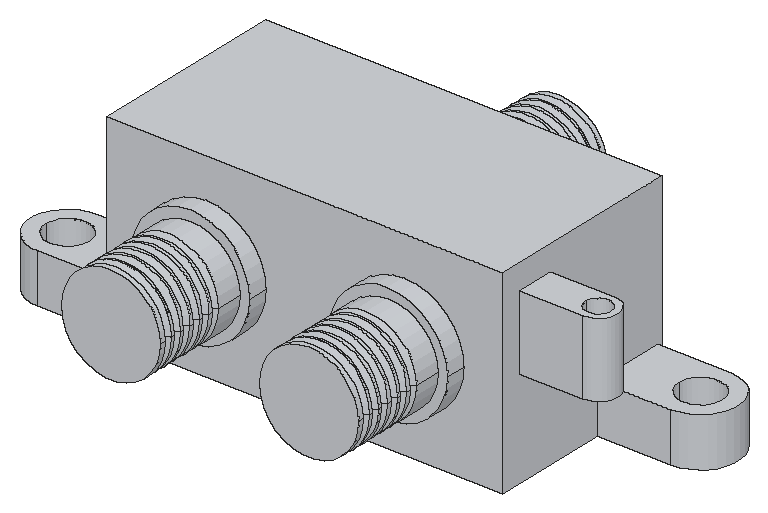
Revit family "Repetidor 204 ", category Aparatos eléctricos, Revit 2019
Family settings
  Mantener orientación de anotación = No
  Cota de conector redondo = Diámetro de uso
  Tipo de pieza = Normal
  Número OmniClass = 23.80.00.00
  Título OmniClass = Electric Power and Lighting
  Se basa en plano de trabajo = No
  Siempre vertical = Sí
  Corte con vacíos al cargar = No
  Compartido = No
  Punto de cálculo de habitación = No
Parameters
  Visibilidad 426 = yes
  Largo = 40.00 mm
  Conectores = Largo / 21.60 mm  # 2
  Conector 2 = 3.654 mm
  Conector = 0.00 mm
  Ancho [instance] = 30.00 mm
  Altura = 20.00 mm
Reference planes
  plane 1 "Centro (Frontal/Posterior)": y = 0
  plane 2: z = 0
  plane 3 "Centro (Izquierda/Derecha)": x = 0
  plane 4 "Centro I/E": x = -20
  plane 5 "Centro I/F": x = 20
  plane 6 "Centro I/G": y = 10
  plane 7 "Centro I/H": y = -10
  plane 8 "Centro I/K": y = -10
  plane 9 "Centro I/W": x = -19.25
  plane 10 "Centro I/X": y = -9.25
  plane 11 "Centro I/Y": y = 9.25
  plane 12 "Centro I/Z": x = 19.25
Forms (mm)
  Extrusion 1, solid
    sketch origin (0, 0, 0) x (1, 0, 0) y (0, 1, 0)
      loop
        line (20, 10) -> (-20, 10) -> (-20, -10) -> (20, -10) -> (20, 10)
    from 0 to 20
  Extrusion 2, solid, detail levels fine
    sketch origin (0, -6.971, 0) x (1, 0, 0) y (0, 0, 1)
      loop
        circle (-25.232, 10) r 5
    from 17 to 27
  Extrusion 3, solid
    sketch origin (0, -6.971, 0) x (1, 0, 0) y (0, 0, 1)
      loop
        circle (-25.232, 10) r 6
    from 15 to 17
  Extrusion 4, solid, detail levels fine
    sketch origin (15.232, 5, 0) x (1, 0, 0) y (0, 0, 1)
      loop
        circle (-25.232, 10) r 5
    from 17 to 27
  Extrusion 5, solid
    sketch origin (15.232, 5, 0) x (1, 0, 0) y (0, 0, 1)
      loop
        circle (-25.232, 10) r 6
    from 15 to 17
  Extrusion 6, solid, detail levels fine
    sketch origin (35.232, 5, 0) x (1, 0, 0) y (0, 0, 1)
      loop
        circle (-25.232, 10) r 5
    from 17 to 27
  Extrusion 7, solid
    sketch origin (35.232, 5, 0) x (1, 0, 0) y (0, 0, 1)
      loop
        circle (-25.232, 10) r 6
    from 15 to 17
  Extrusion 8, solid
    sketch origin (-14.144, 3.759, 0) x (1, 0, 0) y (0, 0, -1)
      loop
        circle (0, -10) r 5
    from 17 to 27
  Extrusion 9, solid
    sketch origin (-14.144, 3.759, 0) x (1, 0, 0) y (0, 0, -1)
      loop
        circle (0, -10) r 6
    from 15 to 17
  Extrusion 10, solid, detail levels medium+fine
    sketch origin (-155, 91.956, 0) x (-1, 0, 0) y (0, -1, 0)
      loop
        line (-175, 100) -> (-181.519, 100)
        arc (-181.519, 100) -> (-183.474, 98.044) -> (-181.519, 96.089) r 1.956
        line (-181.519, 96.089) -> (-175, 96.089) -> (-175, 100)
      loop
        circle (-181.519, 98.044) r 1.304
    from 10 to 17.5
  Extrusion 11, solid, detail levels medium+fine
    sketch origin (-155, -48.128, -5) x (-1, 0, 0) y (0, -1, 0)
      loop
        line (-175, -57.5) -> (-175, -50) -> (-182.5, -50)
        arc (-182.5, -50) -> (-186.25, -53.75) -> (-182.5, -57.5) r 3.75
        line (-182.5, -57.5) -> (-175, -57.5)
      loop
        circle (-182.5, -53.75) r 2.25
    from 5 to 10
  Extrusion 12, solid, detail levels medium+fine
    sketch origin (-115, -46.566, 0) x (-1, 0, 0) y (0, -1, 0)
      loop
        line (-175, -57.5) -> (-175, -50) -> (-182.5, -50)
        arc (-182.5, -50) -> (-186.25, -53.75) -> (-182.5, -57.5) r 3.75
        line (-182.5, -57.5) -> (-175, -57.5)
      loop
        circle (-182.5, -53.75) r 2.25
    from 5 to 10
  Extrusion 13, solid, detail levels medium+fine
    sketch origin (-110, 90, 0) x (-1, 0, 0) y (0, -1, 0)
      loop
        line (-175, 100) -> (-181.519, 100)
        arc (-181.519, 100) -> (-183.474, 98.044) -> (-181.519, 96.089) r 1.956
        line (-181.519, 96.089) -> (-175, 96.089) -> (-175, 100)
      loop
        circle (-181.519, 98.044) r 1.304
    from 10 to 17.5
  Extrusion 14, solid, detail levels medium+fine
    sketch origin (155, 48.128, -5) x (1, 0, 0) y (0, 1, 0)
      loop
        line (-175, -57.5) -> (-175, -50) -> (-182.5, -50)
        arc (-182.5, -50) -> (-186.25, -53.75) -> (-182.5, -57.5) r 3.75
        line (-182.5, -57.5) -> (-175, -57.5)
      loop
        circle (-182.5, -53.75) r 2.25
    from 5 to 10
  Revolve 15, void
    sketch origin (15.25, 5, 10) x (1, 0, 0) y (0, 1, 0)
      loop
        line (-29.46, -26.03) -> (-30.25, -25.574) -> (-30.25, -26.486) -> (-29.46, -26.03)
      axis (-25.25, -26.486) -> (-25.25, -25.486)
    angle from 0 to 360
  Revolve 16, void
    sketch origin (0.018, -6.971, 10) x (1, 0, 0) y (0, 1, 0)
      loop
        line (-29.46, -26.03) -> (-30.25, -25.574) -> (-30.25, -26.486) -> (-29.46, -26.03)
      axis (-25.25, -26.486) -> (-25.25, -25.486)
    angle from 0 to 360
  Revolve 17, void
    sketch origin (35.25, 5, 10) x (1, 0, 0) y (0, 1, 0)
      loop
        line (-29.46, -26.03) -> (-30.25, -25.574) -> (-30.25, -26.486) -> (-29.46, -26.03)
      axis (-25.25, -26.486) -> (-25.25, -25.486)
    angle from 0 to 360
  Revolve 18, void
    sketch origin (15.25, 5, 10) x (1, 0, 0) y (0, 1, 0)
      loop
        line (-29.46, -24.918) -> (-30.25, -24.461) -> (-30.25, -25.374) -> (-29.46, -24.918)
      axis (-25.25, -25.374) -> (-25.25, -24.374)
    angle from 0 to 360
  Revolve 19, void
    sketch origin (0.018, -6.971, 10) x (1, 0, 0) y (0, 1, 0)
      loop
        line (-29.46, -24.918) -> (-30.25, -24.461) -> (-30.25, -25.374) -> (-29.46, -24.918)
      axis (-25.25, -25.374) -> (-25.25, -24.374)
    angle from 0 to 360
  Revolve 20, void
    sketch origin (35.25, 5, 10) x (1, 0, 0) y (0, 1, 0)
      loop
        line (-29.46, -24.918) -> (-30.25, -24.461) -> (-30.25, -25.374) -> (-29.46, -24.918)
      axis (-25.25, -25.374) -> (-25.25, -24.374)
    angle from 0 to 360
  Revolve 21, void
    sketch origin (15.25, 5, 10) x (1, 0, 0) y (0, 1, 0)
      loop
        line (-29.46, -23.718) -> (-30.25, -23.261) -> (-30.25, -24.174) -> (-29.46, -23.718)
      axis (-25.25, -24.174) -> (-25.25, -23.174)
    angle from 0 to 360
  Revolve 22, void
    sketch origin (15.25, 5, 10) x (1, 0, 0) y (0, 1, 0)
      loop
        line (-29.46, -22.518) -> (-30.25, -22.061) -> (-30.25, -22.974) -> (-29.46, -22.518)
      axis (-25.25, -22.974) -> (-25.25, -21.974)
    angle from 0 to 360
  Revolve 23, void
    sketch origin (15.25, 5, 10) x (1, 0, 0) y (0, 1, 0)
      loop
        line (-29.46, -21.318) -> (-30.25, -20.861) -> (-30.25, -21.774) -> (-29.46, -21.318)
      axis (-25.25, -21.774) -> (-25.25, -20.774)
    angle from 0 to 360
  Revolve 24, void
    sketch origin (15.25, 5, 10) x (1, 0, 0) y (0, 1, 0)
      loop
        line (-29.46, -20.118) -> (-30.25, -19.661) -> (-30.25, -20.574) -> (-29.46, -20.118)
      axis (-25.25, -20.574) -> (-25.25, -19.574)
    angle from 0 to 360
  Revolve 25, void
    sketch origin (0.018, -6.971, 10) x (1, 0, 0) y (0, 1, 0)
      loop
        line (-29.46, -23.718) -> (-30.25, -23.261) -> (-30.25, -24.174) -> (-29.46, -23.718)
      axis (-25.25, -24.174) -> (-25.25, -23.174)
    angle from 0 to 360
  Revolve 26, void
    sketch origin (0.018, -6.971, 10) x (1, 0, 0) y (0, 1, 0)
      loop
        line (-29.46, -22.518) -> (-30.25, -22.061) -> (-30.25, -22.974) -> (-29.46, -22.518)
      axis (-25.25, -22.974) -> (-25.25, -21.974)
    angle from 0 to 360
  Revolve 27, void
    sketch origin (0.018, -6.971, 10) x (1, 0, 0) y (0, 1, 0)
      loop
        line (-29.46, -21.318) -> (-30.25, -20.861) -> (-30.25, -21.774) -> (-29.46, -21.318)
      axis (-25.25, -21.774) -> (-25.25, -20.774)
    angle from 0 to 360
  Revolve 28, void
    sketch origin (0.018, -6.971, 10) x (1, 0, 0) y (0, 1, 0)
      loop
        line (-29.46, -20.118) -> (-30.25, -19.661) -> (-30.25, -20.574) -> (-29.46, -20.118)
      axis (-25.25, -20.574) -> (-25.25, -19.574)
    angle from 0 to 360
  Revolve 29, void
    sketch origin (35.25, 5, 10) x (1, 0, 0) y (0, 1, 0)
      loop
        line (-29.46, -23.718) -> (-30.25, -23.261) -> (-30.25, -24.174) -> (-29.46, -23.718)
      axis (-25.25, -24.174) -> (-25.25, -23.174)
    angle from 0 to 360
  Revolve 30, void
    sketch origin (35.25, 5, 10) x (1, 0, 0) y (0, 1, 0)
      loop
        line (-29.46, -22.518) -> (-30.25, -22.061) -> (-30.25, -22.974) -> (-29.46, -22.518)
      axis (-25.25, -22.974) -> (-25.25, -21.974)
    angle from 0 to 360
  Revolve 31, void
    sketch origin (35.25, 5, 10) x (1, 0, 0) y (0, 1, 0)
      loop
        line (-29.46, -21.318) -> (-30.25, -20.861) -> (-30.25, -21.774) -> (-29.46, -21.318)
      axis (-25.25, -21.774) -> (-25.25, -20.774)
    angle from 0 to 360
  Revolve 32, void
    sketch origin (35.25, 5, 10) x (1, 0, 0) y (0, 1, 0)
      loop
        line (-29.46, -20.118) -> (-30.25, -19.661) -> (-30.25, -20.574) -> (-29.46, -20.118)
      axis (-25.25, -20.574) -> (-25.25, -19.574)
    angle from 0 to 360
  Extrusion 33, solid, detail levels fine
    sketch origin (35.192, 46.726, 0) x (1, 0, 0) y (0, 0, 1)
      loop
        circle (-25.232, 10) r 5
    from 17 to 27
  Extrusion 34, solid
    sketch origin (35.192, 46.726, 0) x (1, 0, 0) y (0, 0, 1)
      loop
        circle (-25.232, 10) r 6
    from 15 to 17
  Revolve 35, void
    sketch origin (35.21, 46.726, 10) x (1, 0, 0) y (0, 1, 0)
      loop
        line (-29.46, -26.03) -> (-30.25, -25.574) -> (-30.25, -26.486) -> (-29.46, -26.03)
      axis (-25.25, -26.486) -> (-25.25, -25.486)
    angle from 0 to 360
  Revolve 36, void
    sketch origin (35.21, 46.726, 10) x (1, 0, 0) y (0, 1, 0)
      loop
        line (-29.46, -24.918) -> (-30.25, -24.461) -> (-30.25, -25.374) -> (-29.46, -24.918)
      axis (-25.25, -25.374) -> (-25.25, -24.374)
    angle from 0 to 360
  Revolve 37, void
    sketch origin (35.21, 46.726, 10) x (1, 0, 0) y (0, 1, 0)
      loop
        line (-29.46, -23.718) -> (-30.25, -23.261) -> (-30.25, -24.174) -> (-29.46, -23.718)
      axis (-25.25, -24.174) -> (-25.25, -23.174)
    angle from 0 to 360
  Revolve 38, void
    sketch origin (35.21, 46.726, 10) x (1, 0, 0) y (0, 1, 0)
      loop
        line (-29.46, -22.518) -> (-30.25, -22.061) -> (-30.25, -22.974) -> (-29.46, -22.518)
      axis (-25.25, -22.974) -> (-25.25, -21.974)
    angle from 0 to 360
  Revolve 39, void
    sketch origin (35.21, 46.726, 10) x (1, 0, 0) y (0, 1, 0)
      loop
        line (-29.46, -21.318) -> (-30.25, -20.861) -> (-30.25, -21.774) -> (-29.46, -21.318)
      axis (-25.25, -21.774) -> (-25.25, -20.774)
    angle from 0 to 360
  Revolve 40, void
    sketch origin (35.21, 46.726, 10) x (1, 0, 0) y (0, 1, 0)
      loop
        line (-29.46, -20.118) -> (-30.25, -19.661) -> (-30.25, -20.574) -> (-29.46, -20.118)
      axis (-25.25, -20.574) -> (-25.25, -19.574)
    angle from 0 to 360
  Extrusion 41, solid, detail levels fine
    sketch origin (-25.232, -5, 0) x (-1, 0, 0) y (0, 0, 1)
      loop
        circle (-25.232, 10) r 5
    from 17 to 27
  Extrusion 42, solid
    sketch origin (-25.232, -5, 0) x (-1, 0, 0) y (0, 0, 1)
      loop
        circle (-25.232, 10) r 6
    from 15 to 17
  Revolve 43, void
    sketch origin (-25.25, -5, 10) x (-1, 0, 0) y (0, -1, 0)
      loop
        line (-29.46, -26.03) -> (-30.25, -25.574) -> (-30.25, -26.486) -> (-29.46, -26.03)
      axis (-25.25, -26.486) -> (-25.25, -25.486)
    angle from 0 to 360
  Revolve 44, void
    sketch origin (-25.25, -5, 10) x (-1, 0, 0) y (0, -1, 0)
      loop
        line (-29.46, -24.918) -> (-30.25, -24.461) -> (-30.25, -25.374) -> (-29.46, -24.918)
      axis (-25.25, -25.374) -> (-25.25, -24.374)
    angle from 0 to 360
  Revolve 45, void
    sketch origin (-25.25, -5, 10) x (-1, 0, 0) y (0, -1, 0)
      loop
        line (-29.46, -23.718) -> (-30.25, -23.261) -> (-30.25, -24.174) -> (-29.46, -23.718)
      axis (-25.25, -24.174) -> (-25.25, -23.174)
    angle from 0 to 360
  Revolve 46, void
    sketch origin (-25.25, -5, 10) x (-1, 0, 0) y (0, -1, 0)
      loop
        line (-29.46, -22.518) -> (-30.25, -22.061) -> (-30.25, -22.974) -> (-29.46, -22.518)
      axis (-25.25, -22.974) -> (-25.25, -21.974)
    angle from 0 to 360
  Revolve 47, void
    sketch origin (-25.25, -5, 10) x (-1, 0, 0) y (0, -1, 0)
      loop
        line (-29.46, -21.318) -> (-30.25, -20.861) -> (-30.25, -21.774) -> (-29.46, -21.318)
      axis (-25.25, -21.774) -> (-25.25, -20.774)
    angle from 0 to 360
  Revolve 48, void
    sketch origin (-25.25, -5, 10) x (-1, 0, 0) y (0, -1, 0)
      loop
        line (-29.46, -20.118) -> (-30.25, -19.661) -> (-30.25, -20.574) -> (-29.46, -20.118)
      axis (-25.25, -20.574) -> (-25.25, -19.574)
    angle from 0 to 360
Cuts and joins
  Revolve 17, Revolve 20, Revolve 29, Revolve 30, Revolve 31, Revolve 32 cuts Extrusion 6
  Revolve 15, Revolve 18, Revolve 21, Revolve 22, Revolve 23, Revolve 24 cuts Extrusion 4
  Revolve 43, Revolve 44, Revolve 45, Revolve 46, Revolve 47, Revolve 48 cuts Extrusion 41
Lines and regions (mm)
  model lines, detail levels medium
    curve 1: line (20, 1.872, 0) -> (27.5, 1.872, 0)
    curve 2: arc (27.5, 1.872, 0) -> (31.25, 5.622, 0) -> (27.5, 9.372, 0) r 3.75
    curve 3: line (27.5, 9.372, 0) -> (20, 9.372, 0)
    curve 4: line (60, 3.434, 5) -> (67.5, 3.434, 5)
    curve 5: arc (67.5, 3.434, 5) -> (71.25, 7.184, 5) -> (67.5, 10.934, 5) r 3.75
    curve 6: line (67.5, 10.934, 5) -> (60, 10.934, 5)
    curve 7: line (-20, -1.872, 0) -> (-27.5, -1.872, 0)
    curve 8: arc (-27.5, -1.872, 0) -> (-31.25, -5.622, 0) -> (-27.5, -9.372, 0) r 3.75
    curve 9: line (-27.5, -9.372, 0) -> (-20, -9.372, 0)
    curve 10: line (20, -4.133, 10) -> (26.519, -4.133, 10)
    curve 11: arc (26.519, -4.133, 10) -> (28.474, -6.089, 10) -> (26.519, -8.044, 10) r 1.956
    curve 12: line (26.519, -8.044, 10) -> (20, -8.044, 10)
    curve 13: line (65, -6.089, 10) -> (71.519, -6.089, 10)
    curve 14: arc (71.519, -6.089, 10) -> (73.474, -8.044, 10) -> (71.519, -10, 10) r 1.956
    curve 15: line (71.519, -10, 10) -> (65, -10, 10)
    curve 16: line (-15, -12, 10) -> (-15, -22, 10)
    curve 17: line (-15, -22, 10) -> (-5, -22, 10)
    curve 18: line (-5, -22, 10) -> (-5, -12, 10)
    curve 19: line (-30.232, -23.971, 10) -> (-30.232, -33.971, 10)
    curve 20: line (-30.232, -33.971, 10) -> (-20.232, -33.971, 10)
    curve 21: line (-20.232, -33.971, 10) -> (-20.232, -23.971, 10)
    curve 22: line (5, -12, 10) -> (5, -22, 10)
    curve 23: line (5, -22, 10) -> (15, -22, 10)
    curve 24: line (15, -22, 10) -> (15, -12, 10)
    curve 25: line (-5, 12, 10) -> (-5, 22, 10)
    curve 26: line (-5, 22, 10) -> (5, 22, 10)
    curve 27: line (5, 22, 10) -> (5, 12, 10)
    curve 28: line (14.96, 29.726, 10) -> (14.96, 19.726, 10)
    curve 29: line (14.96, 19.726, 10) -> (4.96, 19.726, 10)
    curve 30: line (4.96, 19.726, 10) -> (4.96, 29.726, 10)
    curve 84: line (-9.306, -4.981, 20) -> (-8.904, -4.981, 20)
    curve 85: line (-8.904, -4.981, 20) -> (-8.904, -6.123, 20)
    curve 86: line (-8.904, -6.123, 20) -> (-8.561, -6.123, 20)
    curve 87: line (-8.561, -6.123, 20) -> (-8.561, -4.981, 20)
    curve 88: line (-8.561, -4.981, 20) -> (-8.163, -4.981, 20)
    curve 101: line (-9.306, -4.638, 20) -> (-8.163, -4.638, 20)
    curve 102: line (-9.306, -4.981, 20) -> (-9.306, -4.638, 20)
    curve 103: line (-8.163, -4.981, 20) -> (-8.163, -4.638, 20)
    curve 471: line (1.172, -7.42, 0) -> (1.573, -7.42, 0)
    curve 472: line (1.573, -7.42, 0) -> (1.573, -8.562, 0)
    curve 473: line (1.573, -8.562, 0) -> (1.917, -8.562, 0)
    curve 474: line (1.917, -8.562, 0) -> (1.917, -7.42, 0)
    curve 475: line (1.917, -7.42, 0) -> (2.314, -7.42, 0)
    curve 488: line (1.172, -7.077, 0) -> (2.314, -7.077, 0)
    curve 489: line (1.172, -7.42, 0) -> (1.172, -7.077, 0)
    curve 490: line (2.314, -7.42, 0) -> (2.314, -7.077, 0)
    curve 640: line (-5.817, 0.494, 20) -> (-7.741, 0.494, 20)
    curve 641: arc (-7.741, 0.494, 20) -> (-8.189, 0.942, 20) -> (-7.741, 1.39, 20) r 0.448
    curve 642: line (-7.741, 1.39, 20) -> (-5.817, 1.39, 20)
    curve 643: arc (-5.817, 1.39, 20) -> (-5.417, 1.789, 20) -> (-5.817, 2.189, 20) r 0.399
    curve 644: line (-5.817, 2.189, 20) -> (-7.868, 2.189, 20)
    curve 645: arc (-7.868, 2.189, 20) -> (-9, 1.281, 20) -> (-8.093, 0.148, 20) r 1.026
    curve 646: arc (-8.093, 0.148, 20) -> (-9.027, -1.028, 20) -> (-7.851, -1.962, 20) r 1.062
    curve 647: line (-7.851, -1.962, 20) -> (-5.817, -1.962, 20)
    curve 648: arc (-5.817, -1.962, 20) -> (-5.413, -1.558, 20) -> (-5.817, -1.154, 20) r 0.404
    curve 649: line (-5.817, -1.154, 20) -> (-7.741, -1.154, 20)
    curve 650: arc (-7.741, -1.154, 20) -> (-8.202, -0.693, 20) -> (-7.741, -0.232, 20) r 0.461
    curve 651: line (-7.741, -0.232, 20) -> (-5.817, -0.232, 20)
    curve 652: arc (-5.817, -0.232, 20) -> (-5.454, 0.131, 20) -> (-5.817, 0.494, 20) r 0.363
    curve 653: line (-10.278, -1.962, 20) -> (-11.421, -1.962, 20)
    curve 654: line (-11.421, -1.962, 20) -> (-12.348, -0.458, 20)
    curve 655: line (-12.348, -0.458, 20) -> (-13.51, -0.468, 20)
    curve 656: line (-13.51, -0.468, 20) -> (-13.51, -1.962, 20)
    curve 657: line (-13.51, -1.962, 20) -> (-14.316, -1.962, 20)
    curve 658: line (-14.316, -1.962, 20) -> (-14.316, 0.351, 20)
    curve 659: line (-14.316, 0.351, 20) -> (-11.895, 0.351, 20)
    curve 660: arc (-11.895, 0.351, 20) -> (-11.396, 0.85, 20) -> (-11.895, 1.349, 20) r 0.499
    curve 661: line (-11.895, 1.349, 20) -> (-14.316, 1.349, 20)
    curve 662: line (-14.316, 1.349, 20) -> (-14.316, 2.189, 20)
    curve 663: line (-14.316, 2.189, 20) -> (-11.794, 2.189, 20)
    curve 664: arc (-11.794, 2.189, 20) -> (-10.5, 1.02, 20) -> (-11.532, -0.386, 20) r 1.301
    curve 665: line (-11.532, -0.386, 20) -> (-10.278, -1.962, 20)
    curve 666: line (-3.75, -0.372, 20) -> (-3.75, -1.962, 20)
    curve 667: line (-3.75, -1.962, 20) -> (-4.644, -1.962, 20)
    curve 668: line (-4.644, -1.962, 20) -> (-4.644, -0.19, 20)
    curve 669: arc (-4.644, -0.19, 20) -> (-4.458, 0.252, 20) -> (-4.012, 0.429, 20) r 0.619
    curve 670: line (-4.012, 0.429, 20) -> (-2.117, 0.429, 20)
    curve 671: arc (-2.117, 0.429, 20) -> (-1.663, 0.883, 20) -> (-2.117, 1.336, 20) r 0.454
    curve 672: line (-2.117, 1.336, 20) -> (-4.644, 1.326, 20)
    curve 673: line (-4.644, 1.326, 20) -> (-4.644, 2.189, 20)
    curve 674: line (-4.644, 2.189, 20) -> (-2.199, 2.189, 20)
    curve 675: arc (-2.199, 2.189, 20) -> (-0.919, 0.909, 20) -> (-2.199, -0.372, 20) r 1.28
    curve 676: line (-2.199, -0.372, 20) -> (-3.75, -0.372, 20)
    curve 677: line (11.905, -0.92, 20) -> (10.437, -0.92, 20)
    curve 678: arc (10.437, -0.92, 20) -> (9.857, -0.616, 20) -> (9.777, 0.034, 20) r 0.705
    curve 679: line (9.777, 0.034, 20) -> (11.162, 1.891, 20)
    curve 680: arc (11.162, 1.891, 20) -> (12.034, 2.162, 20) -> (12.607, 1.451, 20) r 0.812
    curve 681: line (12.607, 1.451, 20) -> (12.621, -1.602, 20)
    curve 682: arc (12.621, -1.602, 20) -> (12.263, -1.962, 20) -> (11.905, -1.602, 20) r 0.358
    curve 683: line (10.515, -0.241, 20) -> (11.797, -0.241, 20)
    curve 684: line (11.797, -0.241, 20) -> (11.797, 1.283, 20)
    curve 685: line (11.797, 1.283, 20) -> (10.515, -0.241, 20)
    curve 686: spline (7.384, -0.866, 20) -> (7.619, -0.833, 20) -> (7.837, -0.735, 20) -> (8.025, -0.579, 20) -> (8.168, -0.377, 20) -> (8.259, -0.141, 20) -> (8.29, 0.113, 20) -> (8.259, 0.366, 20) -> (8.168, 0.602, 20) -> (8.025, 0.805, 20) -> (7.837, 0.96, 20) -> (7.619, 1.058, 20) -> (7.384, 1.092, 20) -> (7.15, 1.058, 20) -> (6.931, 0.96, 20) -> (6.744, 0.805, 20) -> (6.6, 0.602, 20) -> (6.509, 0.366, 20) -> (6.478, 0.113, 20) -> (6.509, -0.141, 20) -> (6.6, -0.377, 20) -> (6.744, -0.579, 20) -> (6.931, -0.735, 20) -> (7.15, -0.833, 20) -> (7.384, -0.866, 20)
    curve 687: spline (7.369, -1.962, 20) -> (7.851, -1.894, 20) -> (8.3, -1.69, 20) -> (8.687, -1.363, 20) -> (8.985, -0.936, 20) -> (9.174, -0.437, 20) -> (9.241, 0.1, 20) -> (9.182, 0.637, 20) -> (9, 1.139, 20) -> (8.708, 1.57, 20) -> (8.325, 1.903, 20) -> (7.879, 2.113, 20) -> (7.399, 2.187, 20) -> (6.918, 2.12, 20) -> (6.468, 1.916, 20) -> (6.081, 1.589, 20) -> (5.783, 1.161, 20) -> (5.594, 0.662, 20) -> (5.527, 0.126, 20) -> (5.586, -0.412, 20) -> (5.768, -0.913, 20) -> (6.06, -1.345, 20) -> (6.443, -1.677, 20) -> (6.889, -1.888, 20) -> (7.369, -1.962, 20)
    curve 688: line (11.905, -1.602, 20) -> (11.905, -0.92, 20)
    curve 689: line (11.66, 1.327, 0) -> (10.192, 1.327, 0)
    curve 690: arc (10.192, 1.327, 0) -> (9.612, 1.631, 0) -> (9.532, 2.281, 0) r 0.705
    curve 691: line (9.532, 2.281, 0) -> (10.917, 4.139, 0)
    curve 692: arc (10.917, 4.139, 0) -> (11.789, 4.409, 0) -> (12.362, 3.699, 0) r 0.812
    curve 693: line (12.362, 3.699, 0) -> (12.376, 0.645, 0)
    curve 694: arc (12.376, 0.645, 0) -> (12.018, 0.286, 0) -> (11.66, 0.645, 0) r 0.358
    curve 695: line (10.27, 2.007, 0) -> (11.553, 2.007, 0)
    curve 696: line (11.553, 2.007, 0) -> (11.553, 3.531, 0)
    curve 697: line (11.553, 3.531, 0) -> (10.27, 2.007, 0)
    curve 698: spline (7.139, 1.382, 0) -> (7.374, 1.415, 0) -> (7.592, 1.513, 0) -> (7.78, 1.668, 0) -> (7.924, 1.871, 0) -> (8.014, 2.107, 0) -> (8.045, 2.36, 0) -> (8.014, 2.614, 0) -> (7.924, 2.85, 0) -> (7.78, 3.052, 0) -> (7.592, 3.208, 0) -> (7.374, 3.306, 0) -> (7.139, 3.339, 0) -> (6.905, 3.306, 0) -> (6.686, 3.208, 0) -> (6.499, 3.052, 0) -> (6.355, 2.85, 0) -> (6.264, 2.614, 0) -> (6.234, 2.36, 0) -> (6.264, 2.107, 0) -> (6.355, 1.871, 0) -> (6.499, 1.668, 0) -> (6.686, 1.513, 0) -> (6.905, 1.415, 0) -> (7.139, 1.382, 0)
    curve 699: spline (7.125, 0.286, 0) -> (7.606, 0.353, 0) -> (8.055, 0.557, 0) -> (8.442, 0.884, 0) -> (8.741, 1.312, 0) -> (8.93, 1.811, 0) -> (8.997, 2.347, 0) -> (8.937, 2.885, 0) -> (8.755, 3.386, 0) -> (8.463, 3.818, 0) -> (8.081, 4.15, 0) -> (7.634, 4.361, 0) -> (7.154, 4.435, 0) -> (6.673, 4.367, 0) -> (6.223, 4.163, 0) -> (5.836, 3.836, 0) -> (5.538, 3.409, 0) -> (5.349, 2.91, 0) -> (5.282, 2.373, 0) -> (5.342, 1.836, 0) -> (5.524, 1.334, 0) -> (5.816, 0.903, 0) -> (6.198, 0.57, 0) -> (6.645, 0.36, 0) -> (7.125, 0.286, 0)
    curve 700: line (11.66, 0.645, 0) -> (11.66, 1.327, 0)
    curve 714: line (-6.061, 2.741, 0) -> (-7.986, 2.741, 0)
    curve 715: arc (-7.986, 2.741, 0) -> (-8.434, 3.19, 0) -> (-7.986, 3.638, 0) r 0.448
    curve 716: line (-7.986, 3.638, 0) -> (-6.061, 3.638, 0)
    curve 717: arc (-6.061, 3.638, 0) -> (-5.662, 4.037, 0) -> (-6.061, 4.436, 0) r 0.399
    curve 718: line (-6.061, 4.436, 0) -> (-8.112, 4.436, 0)
    curve 719: arc (-8.112, 4.436, 0) -> (-9.245, 3.529, 0) -> (-8.338, 2.396, 0) r 1.026
    curve 720: arc (-8.338, 2.396, 0) -> (-9.271, 1.22, 0) -> (-8.095, 0.286, 0) r 1.062
    curve 721: line (-8.095, 0.286, 0) -> (-6.061, 0.286, 0)
    curve 722: arc (-6.061, 0.286, 0) -> (-5.658, 0.69, 0) -> (-6.061, 1.093, 0) r 0.404
    curve 723: line (-6.061, 1.093, 0) -> (-7.986, 1.093, 0)
    curve 724: arc (-7.986, 1.093, 0) -> (-8.447, 1.554, 0) -> (-7.986, 2.016, 0) r 0.461
    curve 725: line (-7.986, 2.016, 0) -> (-6.061, 2.016, 0)
    curve 726: arc (-6.061, 2.016, 0) -> (-5.699, 2.379, 0) -> (-6.061, 2.741, 0) r 0.363
    curve 727: line (-10.522, 0.286, 0) -> (-11.666, 0.286, 0)
    curve 728: line (-11.666, 0.286, 0) -> (-12.592, 1.79, 0)
    curve 729: line (-12.592, 1.79, 0) -> (-13.755, 1.78, 0)
    curve 730: line (-13.755, 1.78, 0) -> (-13.755, 0.286, 0)
    curve 731: line (-13.755, 0.286, 0) -> (-14.561, 0.286, 0)
    curve 732: line (-14.561, 0.286, 0) -> (-14.561, 2.599, 0)
    curve 733: line (-14.561, 2.599, 0) -> (-12.14, 2.599, 0)
    curve 734: arc (-12.14, 2.599, 0) -> (-11.641, 3.098, 0) -> (-12.14, 3.597, 0) r 0.499
    curve 735: line (-12.14, 3.597, 0) -> (-14.561, 3.597, 0)
    curve 736: line (-14.561, 3.597, 0) -> (-14.561, 4.436, 0)
    curve 737: line (-14.561, 4.436, 0) -> (-12.039, 4.436, 0)
    curve 738: arc (-12.039, 4.436, 0) -> (-10.745, 3.267, 0) -> (-11.777, 1.862, 0) r 1.301
    curve 739: line (-11.777, 1.862, 0) -> (-10.522, 0.286, 0)
    curve 740: line (-3.994, 1.876, 0) -> (-3.994, 0.286, 0)
    curve 741: line (-3.994, 0.286, 0) -> (-4.888, 0.286, 0)
    curve 742: line (-4.888, 0.286, 0) -> (-4.888, 2.058, 0)
    curve 743: arc (-4.888, 2.058, 0) -> (-4.703, 2.5, 0) -> (-4.257, 2.677, 0) r 0.619
    curve 744: line (-4.257, 2.677, 0) -> (-2.362, 2.677, 0)
    curve 745: arc (-2.362, 2.677, 0) -> (-1.908, 3.13, 0) -> (-2.362, 3.584, 0) r 0.454
    curve 746: line (-2.362, 3.584, 0) -> (-4.888, 3.573, 0)
    curve 747: line (-4.888, 3.573, 0) -> (-4.888, 4.436, 0)
    curve 748: line (-4.888, 4.436, 0) -> (-2.444, 4.436, 0)
    curve 749: arc (-2.444, 4.436, 0) -> (-1.164, 3.156, 0) -> (-2.444, 1.876, 0) r 1.28
    curve 750: line (-2.444, 1.876, 0) -> (-3.994, 1.876, 0)
    curve 755: line (11.832, -4.981, 20) -> (12.234, -4.981, 20)
    curve 756: line (12.234, -4.981, 20) -> (12.234, -6.123, 20)
    curve 757: line (12.234, -6.123, 20) -> (12.577, -6.123, 20)
    curve 758: line (12.577, -6.123, 20) -> (12.577, -4.981, 20)
    curve 759: line (12.577, -4.981, 20) -> (12.975, -4.981, 20)
    curve 772: line (11.832, -4.638, 20) -> (12.975, -4.638, 20)
    curve 773: line (11.832, -4.981, 20) -> (11.832, -4.638, 20)
    curve 774: line (12.975, -4.981, 20) -> (12.975, -4.638, 20)
  model lines
    curve 31: line (-19.25, 9.25, 20) -> (-19.25, -9.25, 20)
    curve 32: line (-19.25, -9.25, 20) -> (19.25, -9.25, 20)
    curve 33: line (19.25, 9.25, 20) -> (-19.25, 9.25, 20)
    curve 268: line (19.25, 9.25, 20) -> (19.25, -9.25, 20)
  model lines, detail levels fine
    curve 34: line (16.67, 6.679, 20) -> (15.686, 8.385, 20)
    curve 35: line (15.686, 8.385, 20) -> (13.176, 4.247, 20)
    curve 36: line (13.176, 4.247, 20) -> (18.004, 4.247, 20)
    curve 37: line (18.004, 4.247, 20) -> (16.873, 6.335, 20)
    curve 38: line (17.082, 6.602, 20) -> (18.626, 3.849, 20)
    curve 39: line (18.626, 3.849, 20) -> (12.575, 3.849, 20)
    curve 40: line (12.575, 3.849, 20) -> (15.722, 9.025, 20)
    curve 41: line (15.722, 9.025, 20) -> (16.916, 6.897, 20)
    curve 42: line (18.217, 8.053, 20) -> (15.518, 5.655, 20)
    curve 43: line (15.518, 5.655, 20) -> (14.527, 6.316, 20)
    curve 44: line (15.537, 4.626, 20) -> (18.217, 8.053, 20)
    curve 45: line (14.527, 5.864, 20) -> (15.537, 4.626, 20)
    curve 80: circle (-11.587, -5.38, 20) r 0.8 normal (0, 0, 1)
    curve 81: line (-9.413, -4.758, 20) -> (-9.413, -5.492, 20)
    curve 82: arc (-9.413, -5.492, 20) -> (-10.073, -6.137, 20) -> (-10.701, -5.461, 20) r 0.645
    curve 83: line (-10.701, -5.461, 20) -> (-10.701, -4.738, 20)
    curve 89: line (-8.976, -8.598, 20) -> (-8.976, -7.049, 20)
    curve 90: line (-8.976, -7.049, 20) -> (-12.013, -7.049, 20)
    curve 91: line (-12.013, -7.049, 20) -> (-12.013, -8.589, 20)
    curve 92: line (-12.326, -8.589, 20) -> (-12.326, -6.77, 20)
    curve 93: line (-12.326, -6.77, 20) -> (-8.665, -6.77, 20)
    curve 94: line (-8.665, -6.77, 20) -> (-8.665, -8.589, 20)
    curve 95: line (-10.484, -5.466, 20) -> (-10.484, -4.738, 20)
    curve 96: line (-9.63, -4.758, 20) -> (-9.63, -5.492, 20)
    curve 97: arc (-9.63, -5.492, 20) -> (-10.07, -5.92, 20) -> (-10.484, -5.466, 20) r 0.427
    curve 98: arc (-9.413, -4.758, 20) -> (-9.521, -4.649, 20) -> (-9.63, -4.758, 20) r 0.109
    curve 99: arc (-10.701, -4.738, 20) -> (-10.593, -4.629, 20) -> (-10.484, -4.738, 20) r 0.109
    curve 100: circle (-11.587, -5.38, 20) r 0.583 normal (0, 0, 1)
    curve 104: arc (-8.665, -8.589, 20) -> (-8.816, -8.754, 20) -> (-8.976, -8.598, 20) r 0.156
    curve 105: arc (-12.013, -8.589, 20) -> (-12.17, -8.745, 20) -> (-12.326, -8.589, 20) r 0.156
    curve 106: line (-10.35, -7.267, 20) -> (-10.35, -8.431, 20)
    curve 107: line (-11.078, -8.431, 20) -> (-10.484, -9.025, 20)
    curve 108: line (-10.484, -9.025, 20) -> (-9.89, -8.43, 20)
    curve 109: line (-11.078, -8.431, 20) -> (-10.35, -8.431, 20)
    curve 110: line (-10.484, -9.178, 20) -> (-9.813, -8.507, 20)
    curve 111: line (-11.34, -8.322, 20) -> (-10.484, -9.178, 20)
    curve 112: line (-11.34, -8.322, 20) -> (-10.463, -8.322, 20)
    curve 113: line (-10.463, -7.267, 20) -> (-10.463, -8.322, 20)
    curve 114: arc (-10.35, -7.267, 20) -> (-10.406, -7.211, 20) -> (-10.463, -7.267, 20) r 0.056
    curve 115: arc (-9.89, -8.43, 20) -> (-9.813, -8.43, 20) -> (-9.813, -8.507, 20) r 0.054
    curve 116: line (14.527, 6.316, 20) -> (14.527, 5.864, 20)
    curve 117: line (-0.667, -9.023, 20) -> (-1.433, -9.023, 20)
    curve 118: line (-1.433, -9.023, 20) -> (-2.099, -7.943, 20)
    curve 119: line (-2.099, -7.943, 20) -> (-2.861, -7.949, 20)
    curve 120: line (-2.861, -7.949, 20) -> (-2.861, -9.023, 20)
    curve 121: line (-2.861, -9.023, 20) -> (-3.389, -9.023, 20)
    curve 122: line (-3.389, -9.023, 20) -> (-3.389, -7.413, 20)
    curve 123: line (-3.389, -7.413, 20) -> (-1.802, -7.413, 20)
    curve 124: arc (-1.802, -7.413, 20) -> (-1.476, -7.086, 20) -> (-1.802, -6.759, 20) r 0.327
    curve 125: line (-1.802, -6.759, 20) -> (-3.389, -6.759, 20)
    curve 126: line (-3.389, -6.759, 20) -> (-3.389, -6.209, 20)
    curve 127: line (-3.389, -6.209, 20) -> (-1.736, -6.209, 20)
    curve 128: arc (-1.736, -6.209, 20) -> (-0.889, -6.975, 20) -> (-1.565, -7.896, 20) r 0.852
    curve 129: line (-1.565, -7.896, 20) -> (-0.667, -9.023, 20)
    curve 130: line (-0.11, -6.769, 20) -> (0.445, -6.769, 20)
    curve 131: line (0.445, -6.769, 20) -> (1.032, -8.33, 20)
    curve 132: line (4.593, -9.023, 20) -> (3.089, -9.023, 20)
    curve 133: arc (3.089, -9.023, 20) -> (2.696, -8.856, 20) -> (2.545, -8.458, 20) r 0.544
    curve 134: line (2.545, -8.458, 20) -> (2.545, -7.336, 20)
    curve 135: arc (2.545, -7.336, 20) -> (2.685, -6.981, 20) -> (3.03, -6.817, 20) r 0.521
    curve 136: line (3.03, -6.817, 20) -> (4.035, -6.817, 20)
    curve 137: arc (4.035, -6.817, 20) -> (4.709, -7.453, 20) -> (4.073, -8.127, 20) r 0.655
    curve 138: line (4.073, -8.127, 20) -> (3.256, -8.127, 20)
    curve 139: arc (3.256, -8.127, 20) -> (3.048, -8.334, 20) -> (3.256, -8.542, 20) r 0.208
    curve 140: line (3.256, -8.542, 20) -> (4.593, -8.542, 20)
    curve 141: line (5.521, -7.571, 20) -> (5.521, -8.969, 20)
    curve 142: line (5.521, -8.969, 20) -> (5.045, -8.969, 20)
    curve 143: line (5.045, -8.969, 20) -> (5.045, -7.399, 20)
    curve 144: arc (5.045, -7.399, 20) -> (5.162, -7.049, 20) -> (5.468, -6.841, 20) r 0.58
    curve 145: line (5.468, -6.841, 20) -> (6.491, -6.841, 20)
    curve 146: line (8.69, -9.023, 20) -> (7.356, -9.023, 20)
    curve 147: arc (7.356, -9.023, 20) -> (6.885, -8.883, 20) -> (6.713, -8.423, 20) r 0.552
    curve 148: line (6.713, -8.423, 20) -> (6.713, -6.264, 20)
    curve 149: line (6.713, -6.264, 20) -> (7.204, -6.264, 20)
    curve 150: line (7.204, -6.264, 20) -> (7.204, -8.206, 20)
    curve 151: line (9.527, -6.805, 20) -> (9.527, -9.023, 20)
    curve 152: circle (9.284, -6.325, 20) r 0.288 normal (0, 0, 1)
    curve 153: line (9.922, -9.023, 20) -> (10.427, -9.023, 20)
    curve 154: line (10.427, -9.023, 20) -> (10.427, -7.291, 20)
    curve 155: line (10.427, -7.291, 20) -> (11.155, -7.291, 20)
    curve 156: arc (11.155, -7.291, 20) -> (11.517, -7.415, 20) -> (11.726, -7.736, 20) r 0.588
    curve 157: line (11.726, -7.736, 20) -> (11.726, -9.023, 20)
    curve 158: line (11.726, -9.023, 20) -> (12.224, -9.023, 20)
    curve 159: line (12.224, -9.023, 20) -> (12.224, -7.802, 20)
    curve 160: arc (12.224, -7.802, 20) -> (12.033, -7.223, 20) -> (11.535, -6.871, 20) r 0.973
    curve 161: line (11.535, -6.871, 20) -> (9.922, -6.871, 20)
    curve 162: line (9.922, -6.871, 20) -> (9.922, -9.023, 20)
    curve 163: line (14.597, -9.023, 20) -> (13.092, -9.023, 20)
    curve 164: arc (13.092, -9.023, 20) -> (12.719, -8.868, 20) -> (12.566, -8.494, 20) r 0.526
    curve 165: line (12.566, -8.494, 20) -> (12.566, -7.333, 20)
    curve 166: arc (12.566, -7.333, 20) -> (12.703, -6.985, 20) -> (13.039, -6.822, 20) r 0.513
    curve 167: line (13.039, -6.822, 20) -> (14.039, -6.822, 20)
    curve 168: arc (14.039, -6.822, 20) -> (14.71, -7.455, 20) -> (14.076, -8.127, 20) r 0.653
    curve 169: line (14.076, -8.127, 20) -> (13.259, -8.127, 20)
    curve 170: arc (13.259, -8.127, 20) -> (13.051, -8.334, 20) -> (13.259, -8.542, 20) r 0.208
    curve 171: line (13.259, -8.542, 20) -> (14.597, -8.542, 20)
    curve 172: spline (14.229, -7.534, 20) -> (14.209, -7.465, 20) -> (14.148, -7.4, 20) -> (14.053, -7.345, 20) -> (13.928, -7.302, 20) -> (13.782, -7.275, 20) -> (13.626, -7.266, 20) -> (13.47, -7.275, 20) -> (13.324, -7.302, 20) -> (13.199, -7.345, 20) -> (13.103, -7.4, 20) -> (13.043, -7.465, 20) -> (13.023, -7.534, 20) -> (13.043, -7.603, 20) -> (13.103, -7.668, 20) -> (13.199, -7.723, 20) -> (13.324, -7.765, 20) -> (13.47, -7.792, 20) -> (13.626, -7.801, 20) -> (13.782, -7.792, 20) -> (13.928, -7.765, 20) -> (14.053, -7.723, 20) -> (14.148, -7.668, 20) -> (14.209, -7.603, 20) -> (14.229, -7.534, 20)
    curve 173: spline (4.226, -7.534, 20) -> (4.206, -7.465, 20) -> (4.145, -7.4, 20) -> (4.049, -7.345, 20) -> (3.924, -7.302, 20) -> (3.779, -7.275, 20) -> (3.623, -7.266, 20) -> (3.467, -7.275, 20) -> (3.321, -7.302, 20) -> (3.196, -7.345, 20) -> (3.1, -7.4, 20) -> (3.04, -7.465, 20) -> (3.019, -7.534, 20) -> (3.04, -7.603, 20) -> (3.1, -7.668, 20) -> (3.196, -7.723, 20) -> (3.321, -7.765, 20) -> (3.467, -7.792, 20) -> (3.623, -7.801, 20) -> (3.779, -7.792, 20) -> (3.924, -7.765, 20) -> (4.049, -7.723, 20) -> (4.145, -7.668, 20) -> (4.206, -7.603, 20) -> (4.226, -7.534, 20)
    curve 174: line (5.431, -4.382, 20) -> (7.202, -3.41, 20)
    curve 175: arc (7.202, -3.41, 20) -> (7.808, -3.586, 20) -> (7.632, -4.192, 20) r 0.446
    curve 176: line (7.632, -4.192, 20) -> (5.642, -5.354, 20)
    curve 177: arc (5.642, -5.354, 20) -> (5.359, -5.431, 20) -> (5.076, -5.354, 20) r 0.561
    curve 178: line (5.076, -5.354, 20) -> (2.706, -3.749, 20)
    curve 179: line (2.706, -3.749, 20) -> (3.348, -2.82, 20)
    curve 180: line (5.021, -1.405, 20) -> (3.317, -2.366, 20)
    curve 181: arc (3.317, -2.366, 20) -> (2.651, -2.177, 20) -> (2.847, -1.513, 20) r 0.487
    curve 182: line (2.847, -1.513, 20) -> (6.702, 0.614, 20)
    curve 183: line (6.702, 0.614, 20) -> (5.338, 1.343, 20)
    curve 184: line (5.088, 1.3, 20) -> (2.594, -0.068, 20)
    curve 185: line (2.594, -0.068, 20) -> (2.594, 0.957, 20)
    curve 186: line (2.594, 0.957, 20) -> (4.997, 2.3, 20)
    curve 187: arc (4.997, 2.3, 20) -> (5.245, 2.358, 20) -> (5.486, 2.275, 20) r 0.46
    curve 188: line (5.486, 2.275, 20) -> (7.673, 1.139, 20)
    curve 189: line (7.673, 1.139, 20) -> (7.673, 0.085, 20)
    curve 190: line (7.673, 0.085, 20) -> (6.07, -0.833, 20)
    curve 191: line (6.07, -0.833, 20) -> (7.705, -1.782, 20)
    curve 192: line (7.705, -1.782, 20) -> (7.705, -2.356, 20)
    curve 193: line (7.705, -2.356, 20) -> (7.018, -2.785, 20)
    curve 194: line (1.337, -8.33, 20) -> (2.067, -6.769, 20)
    curve 195: line (2.561, -6.769, 20) -> (1.653, -8.753, 20)
    curve 196: arc (1.653, -8.753, 20) -> (1.235, -9.023, 20) -> (0.813, -8.759, 20) r 0.463
    curve 197: line (0.813, -8.759, 20) -> (-0.11, -6.769, 20)
    curve 198: line (5.703, -7.328, 20) -> (6.491, -7.328, 20)
    curve 199: line (6.491, -7.328, 20) -> (6.491, -6.841, 20)
    curve 200: arc (5.703, -7.328, 20) -> (5.572, -7.419, 20) -> (5.521, -7.571, 20) r 0.254
    curve 201: line (4.593, -8.542, 20) -> (4.593, -9.023, 20)
    curve 202: line (8.69, -8.494, 20) -> (7.5, -8.494, 20)
    curve 203: arc (7.5, -8.494, 20) -> (7.294, -8.41, 20) -> (7.204, -8.206, 20) r 0.296
    curve 204: line (8.69, -9.023, 20) -> (8.69, -8.494, 20)
    curve 205: line (9.04, -6.805, 20) -> (9.04, -9.023, 20)
    curve 206: line (9.04, -6.805, 20) -> (9.527, -6.805, 20)
    curve 207: line (9.04, -9.023, 20) -> (9.527, -9.023, 20)
    curve 208: line (14.597, -9.023, 20) -> (14.597, -8.542, 20)
    curve 209: line (-0.144, -6.805, 20) -> (-0.144, -9.023, 20)
    curve 210: circle (-0.388, -6.325, 20) r 0.288 normal (0, 0, 1)
    curve 211: line (-0.596, -6.805, 20) -> (-0.596, -9.023, 20)
    curve 212: line (-0.596, -6.805, 20) -> (-0.144, -6.805, 20)
    curve 213: line (-0.667, -9.023, 20) -> (-0.144, -9.023, 20)
    curve 214: line (2.067, -6.769, 20) -> (2.561, -6.769, 20)
    curve 215: arc (1.032, -8.33, 20) -> (1.185, -8.436, 20) -> (1.337, -8.33, 20) r 0.163
    curve 216: line (6.841, -2.331, 20) -> (5.286, -1.405, 20)
    curve 217: line (3.61, -3.233, 20) -> (5.274, -4.382, 20)
    curve 218: arc (5.274, -4.382, 20) -> (5.353, -4.407, 20) -> (5.431, -4.382, 20) r 0.139
    curve 219: line (3.61, -3.233, 20) -> (3.348, -2.82, 20)
    curve 220: line (6.841, -2.331, 20) -> (7.018, -2.785, 20)
    curve 221: arc (5.338, 1.343, 20) -> (5.209, 1.342, 20) -> (5.088, 1.3, 20) r 0.387
    curve 222: arc (5.286, -1.405, 20) -> (5.153, -1.37, 20) -> (5.021, -1.405, 20) r 0.269
    curve 223: line (14.116, 2.011, 20) -> (13.678, 2.011, 20)
    curve 224: line (13.678, 2.011, 20) -> (13.297, 2.629, 20)
    curve 225: line (13.297, 2.629, 20) -> (12.861, 2.625, 20)
    curve 226: line (12.861, 2.625, 20) -> (12.861, 2.011, 20)
    curve 227: line (12.861, 2.011, 20) -> (12.559, 2.011, 20)
    curve 228: line (12.559, 2.011, 20) -> (12.559, 2.932, 20)
    curve 229: line (12.559, 2.932, 20) -> (13.467, 2.932, 20)
    curve 230: arc (13.467, 2.932, 20) -> (13.654, 3.119, 20) -> (13.467, 3.306, 20) r 0.187
    curve 231: line (13.467, 3.306, 20) -> (12.559, 3.306, 20)
    curve 232: line (12.559, 3.306, 20) -> (12.559, 3.621, 20)
    curve 233: line (12.559, 3.621, 20) -> (13.504, 3.621, 20)
    curve 234: arc (13.504, 3.621, 20) -> (13.99, 3.183, 20) -> (13.603, 2.656, 20) r 0.488
    curve 235: line (13.603, 2.656, 20) -> (14.116, 2.011, 20)
    curve 236: line (14.705, 3.238, 20) -> (14.705, 1.968, 20)
    curve 237: circle (14.565, 3.513, 20) r 0.165 normal (0, 0, 1)
    curve 238: line (14.406, 3.238, 20) -> (14.406, 1.968, 20)
    curve 239: line (14.406, 3.238, 20) -> (14.705, 3.238, 20)
    curve 240: line (14.406, 1.968, 20) -> (14.705, 1.968, 20)
    curve 241: line (14.92, 3.232, 20) -> (15.361, 3.232, 20)
    curve 242: line (15.361, 3.232, 20) -> (15.361, 1.98, 20)
    curve 243: line (15.361, 1.98, 20) -> (15.737, 1.98, 20)
    curve 244: line (15.737, 1.98, 20) -> (15.737, 3.232, 20)
    curve 245: line (15.737, 3.232, 20) -> (16.173, 3.232, 20)
    curve 246: line (14.92, 3.608, 20) -> (16.173, 3.608, 20)
    curve 247: line (14.92, 3.232, 20) -> (14.92, 3.608, 20)
    curve 248: line (16.173, 3.232, 20) -> (16.173, 3.608, 20)
    curve 249: line (17.52, 2.01, 20) -> (16.659, 2.01, 20)
    curve 250: arc (16.659, 2.01, 20) -> (16.434, 2.106, 20) -> (16.348, 2.334, 20) r 0.311
    curve 251: line (16.348, 2.334, 20) -> (16.348, 2.975, 20)
    curve 252: arc (16.348, 2.975, 20) -> (16.428, 3.179, 20) -> (16.626, 3.273, 20) r 0.298
    curve 253: line (16.626, 3.273, 20) -> (17.201, 3.273, 20)
    curve 254: arc (17.201, 3.273, 20) -> (17.586, 2.909, 20) -> (17.222, 2.523, 20) r 0.375
    curve 255: line (17.222, 2.523, 20) -> (16.755, 2.523, 20)
    curve 256: arc (16.755, 2.523, 20) -> (16.636, 2.404, 20) -> (16.755, 2.285, 20) r 0.119
    curve 257: line (16.755, 2.285, 20) -> (17.52, 2.285, 20)
    curve 258: line (18.842, 2.01, 20) -> (18.079, 2.01, 20)
    curve 259: arc (18.079, 2.01, 20) -> (17.809, 2.091, 20) -> (17.711, 2.354, 20) r 0.316
    curve 260: line (17.711, 2.354, 20) -> (17.711, 3.589, 20)
    curve 261: line (17.711, 3.589, 20) -> (17.992, 3.589, 20)
    curve 262: line (17.992, 3.589, 20) -> (17.992, 2.478, 20)
    curve 263: spline (17.31, 2.862, 20) -> (17.298, 2.902, 20) -> (17.264, 2.939, 20) -> (17.209, 2.971, 20) -> (17.137, 2.995, 20) -> (17.054, 3.01, 20) -> (16.965, 3.016, 20) -> (16.875, 3.01, 20) -> (16.792, 2.995, 20) -> (16.721, 2.971, 20) -> (16.666, 2.939, 20) -> (16.631, 2.902, 20) -> (16.619, 2.862, 20) -> (16.631, 2.823, 20) -> (16.666, 2.786, 20) -> (16.721, 2.754, 20) -> (16.792, 2.73, 20) -> (16.875, 2.715, 20) -> (16.965, 2.709, 20) -> (17.054, 2.715, 20) -> (17.137, 2.73, 20) -> (17.209, 2.754, 20) -> (17.264, 2.786, 20) -> (17.298, 2.823, 20) -> (17.31, 2.862, 20)
    curve 264: line (17.52, 2.285, 20) -> (17.52, 2.01, 20)
    curve 265: line (18.842, 2.313, 20) -> (18.161, 2.313, 20)
    curve 266: arc (18.161, 2.313, 20) -> (18.043, 2.361, 20) -> (17.992, 2.478, 20) r 0.17
    curve 267: line (18.842, 2.01, 20) -> (18.842, 2.313, 20)
    curve 269: line (114.004, 46.287, 0) -> (113.237, 46.287, 0)
    curve 270: line (113.237, 46.287, 0) -> (112.572, 47.368, 0)
    curve 271: line (112.572, 47.368, 0) -> (111.81, 47.361, 0)
    curve 272: line (111.81, 47.361, 0) -> (111.81, 46.287, 0)
    curve 273: line (111.81, 46.287, 0) -> (111.282, 46.287, 0)
    curve 274: line (111.282, 46.287, 0) -> (111.282, 47.898, 0)
    curve 275: line (111.282, 47.898, 0) -> (112.868, 47.898, 0)
    curve 276: arc (112.868, 47.898, 0) -> (113.195, 48.225, 0) -> (112.868, 48.552, 0) r 0.327
    curve 277: line (112.868, 48.552, 0) -> (111.282, 48.552, 0)
    curve 278: line (111.282, 48.552, 0) -> (111.282, 49.102, 0)
    curve 279: line (111.282, 49.102, 0) -> (112.934, 49.102, 0)
    curve 280: arc (112.934, 49.102, 0) -> (113.782, 48.336, 0) -> (113.106, 47.415, 0) r 0.852
    curve 281: line (113.106, 47.415, 0) -> (114.004, 46.287, 0)
    curve 282: line (114.561, 48.542, 0) -> (115.116, 48.542, 0)
    curve 283: line (115.116, 48.542, 0) -> (115.703, 46.98, 0)
    curve 284: line (119.264, 46.287, 0) -> (117.759, 46.287, 0)
    curve 285: arc (117.759, 46.287, 0) -> (117.367, 46.454, 0) -> (117.215, 46.853, 0) r 0.544
    curve 286: line (117.215, 46.853, 0) -> (117.215, 47.974, 0)
    curve 287: arc (117.215, 47.974, 0) -> (117.356, 48.33, 0) -> (117.701, 48.494, 0) r 0.521
    curve 288: line (117.701, 48.494, 0) -> (118.706, 48.494, 0)
    curve 289: arc (118.706, 48.494, 0) -> (119.38, 47.858, 0) -> (118.743, 47.184, 0) r 0.655
    curve 290: line (118.743, 47.184, 0) -> (117.926, 47.184, 0)
    curve 291: arc (117.926, 47.184, 0) -> (117.719, 46.976, 0) -> (117.926, 46.768, 0) r 0.208
    curve 292: line (117.926, 46.768, 0) -> (119.264, 46.768, 0)
    curve 293: line (120.192, 47.74, 0) -> (120.192, 46.341, 0)
    curve 294: line (120.192, 46.341, 0) -> (119.715, 46.341, 0)
    curve 295: line (119.715, 46.341, 0) -> (119.715, 47.912, 0)
    curve 296: arc (119.715, 47.912, 0) -> (119.833, 48.262, 0) -> (120.139, 48.47, 0) r 0.58
    curve 297: line (120.139, 48.47, 0) -> (121.162, 48.47, 0)
    curve 298: line (123.361, 46.287, 0) -> (122.027, 46.287, 0)
    curve 299: arc (122.027, 46.287, 0) -> (121.556, 46.428, 0) -> (121.384, 46.888, 0) r 0.552
    curve 300: line (121.384, 46.888, 0) -> (121.384, 49.047, 0)
    curve 301: line (121.384, 49.047, 0) -> (121.875, 49.047, 0)
    curve 302: line (121.875, 49.047, 0) -> (121.875, 47.104, 0)
    curve 303: line (124.198, 48.506, 0) -> (124.198, 46.287, 0)
    curve 304: circle (123.954, 48.986, 0) r 0.288 normal (0, 0, 1)
    curve 305: line (124.593, 46.287, 0) -> (125.098, 46.287, 0)
    curve 306: line (125.098, 46.287, 0) -> (125.098, 48.02, 0)
    curve 307: line (125.098, 48.02, 0) -> (125.826, 48.02, 0)
    curve 308: arc (125.826, 48.02, 0) -> (126.188, 47.896, 0) -> (126.396, 47.574, 0) r 0.588
    curve 309: line (126.396, 47.574, 0) -> (126.396, 46.287, 0)
    curve 310: line (126.396, 46.287, 0) -> (126.895, 46.287, 0)
    curve 311: line (126.895, 46.287, 0) -> (126.895, 47.509, 0)
    curve 312: arc (126.895, 47.509, 0) -> (126.704, 48.088, 0) -> (126.206, 48.44, 0) r 0.973
    curve 313: line (126.206, 48.44, 0) -> (124.593, 48.44, 0)
    curve 314: line (124.593, 48.44, 0) -> (124.593, 46.287, 0)
    curve 315: line (129.267, 46.287, 0) -> (127.762, 46.287, 0)
    curve 316: arc (127.762, 46.287, 0) -> (127.39, 46.442, 0) -> (127.237, 46.816, 0) r 0.526
    curve 317: line (127.237, 46.816, 0) -> (127.237, 47.978, 0)
    curve 318: arc (127.237, 47.978, 0) -> (127.373, 48.326, 0) -> (127.71, 48.489, 0) r 0.513
    curve 319: line (127.71, 48.489, 0) -> (128.709, 48.489, 0)
    curve 320: arc (128.709, 48.489, 0) -> (129.38, 47.855, 0) -> (128.747, 47.184, 0) r 0.653
    curve 321: line (128.747, 47.184, 0) -> (127.93, 47.184, 0)
    curve 322: arc (127.93, 47.184, 0) -> (127.722, 46.976, 0) -> (127.93, 46.768, 0) r 0.208
    curve 323: line (127.93, 46.768, 0) -> (129.267, 46.768, 0)
    curve 324: spline (128.9, 47.777, 0) -> (128.879, 47.846, 0) -> (128.819, 47.911, 0) -> (128.723, 47.966, 0) -> (128.598, 48.008, 0) -> (128.453, 48.035, 0) -> (128.297, 48.044, 0) -> (128.14, 48.035, 0) -> (127.995, 48.008, 0) -> (127.87, 47.966, 0) -> (127.774, 47.911, 0) -> (127.714, 47.846, 0) -> (127.693, 47.777, 0) -> (127.714, 47.708, 0) -> (127.774, 47.643, 0) -> (127.87, 47.588, 0) -> (127.995, 47.545, 0) -> (128.14, 47.518, 0) -> (128.297, 47.509, 0) -> (128.453, 47.518, 0) -> (128.598, 47.545, 0) -> (128.723, 47.588, 0) -> (128.819, 47.643, 0) -> (128.879, 47.708, 0) -> (128.9, 47.777, 0)
    curve 325: spline (118.897, 47.777, 0) -> (118.876, 47.846, 0) -> (118.816, 47.911, 0) -> (118.72, 47.966, 0) -> (118.595, 48.008, 0) -> (118.45, 48.035, 0) -> (118.293, 48.044, 0) -> (118.137, 48.035, 0) -> (117.992, 48.008, 0) -> (117.867, 47.966, 0) -> (117.771, 47.911, 0) -> (117.711, 47.846, 0) -> (117.69, 47.777, 0) -> (117.711, 47.708, 0) -> (117.771, 47.643, 0) -> (117.867, 47.588, 0) -> (117.992, 47.545, 0) -> (118.137, 47.518, 0) -> (118.293, 47.509, 0) -> (118.45, 47.518, 0) -> (118.595, 47.545, 0) -> (118.72, 47.588, 0) -> (118.816, 47.643, 0) -> (118.876, 47.708, 0) -> (118.897, 47.777, 0)
    curve 326: line (120.102, 50.928, 0) -> (121.873, 51.901, 0)
    curve 327: arc (121.873, 51.901, 0) -> (122.479, 51.724, 0) -> (122.303, 51.118, 0) r 0.446
    curve 328: line (122.303, 51.118, 0) -> (120.313, 49.956, 0)
    curve 329: arc (120.313, 49.956, 0) -> (120.03, 49.88, 0) -> (119.746, 49.956, 0) r 0.561
    curve 330: line (119.746, 49.956, 0) -> (117.377, 51.561, 0)
    curve 331: line (117.377, 51.561, 0) -> (118.018, 52.491, 0)
    curve 332: line (119.692, 53.906, 0) -> (117.988, 52.944, 0)
    curve 333: arc (117.988, 52.944, 0) -> (117.322, 53.134, 0) -> (117.518, 53.798, 0) r 0.487
    curve 334: line (117.518, 53.798, 0) -> (121.373, 55.925, 0)
    curve 335: line (121.373, 55.925, 0) -> (120.008, 56.653, 0)
    curve 336: line (119.758, 56.611, 0) -> (117.265, 55.243, 0)
    curve 337: line (117.265, 55.243, 0) -> (117.265, 56.267, 0)
    curve 338: line (117.265, 56.267, 0) -> (119.668, 57.611, 0)
    curve 339: arc (119.668, 57.611, 0) -> (119.916, 57.669, 0) -> (120.157, 57.585, 0) r 0.46
    curve 340: line (120.157, 57.585, 0) -> (122.344, 56.449, 0)
    curve 341: line (122.344, 56.449, 0) -> (122.344, 55.395, 0)
    curve 342: line (122.344, 55.395, 0) -> (120.741, 54.478, 0)
    curve 343: line (120.741, 54.478, 0) -> (122.376, 53.529, 0)
    curve 344: line (122.376, 53.529, 0) -> (122.376, 52.955, 0)
    curve 345: line (122.376, 52.955, 0) -> (121.688, 52.525, 0)
    curve 346: line (116.008, 46.98, 0) -> (116.737, 48.542, 0)
    curve 347: line (117.231, 48.542, 0) -> (116.323, 46.558, 0)
    curve 348: arc (116.323, 46.558, 0) -> (115.905, 46.287, 0) -> (115.483, 46.552, 0) r 0.463
    curve 349: line (115.483, 46.552, 0) -> (114.561, 48.542, 0)
    curve 350: line (120.373, 47.983, 0) -> (121.162, 47.983, 0)
    curve 351: line (121.162, 47.983, 0) -> (121.162, 48.47, 0)
    curve 352: arc (120.373, 47.983, 0) -> (120.242, 47.891, 0) -> (120.192, 47.74, 0) r 0.254
    curve 353: line (119.264, 46.768, 0) -> (119.264, 46.287, 0)
    curve 354: line (123.361, 46.816, 0) -> (122.171, 46.816, 0)
    curve 355: arc (122.171, 46.816, 0) -> (121.964, 46.9, 0) -> (121.875, 47.104, 0) r 0.296
    curve 356: line (123.361, 46.287, 0) -> (123.361, 46.816, 0)
    curve 357: line (123.711, 48.506, 0) -> (123.711, 46.287, 0)
    curve 358: line (123.711, 48.506, 0) -> (124.198, 48.506, 0)
    curve 359: line (123.711, 46.287, 0) -> (124.198, 46.287, 0)
    curve 360: line (129.267, 46.287, 0) -> (129.267, 46.768, 0)
    curve 361: line (114.527, 48.506, 0) -> (114.527, 46.287, 0)
    curve 362: circle (114.283, 48.986, 0) r 0.288 normal (0, 0, 1)
    curve 363: line (114.075, 48.506, 0) -> (114.075, 46.287, 0)
    curve 364: line (114.075, 48.506, 0) -> (114.527, 48.506, 0)
    curve 365: line (114.004, 46.287, 0) -> (114.527, 46.287, 0)
    curve 366: line (116.737, 48.542, 0) -> (117.231, 48.542, 0)
    curve 367: arc (115.703, 46.98, 0) -> (115.855, 46.875, 0) -> (116.008, 46.98, 0) r 0.163
    curve 368: line (121.512, 52.98, 0) -> (119.956, 53.906, 0)
    curve 369: line (118.28, 52.077, 0) -> (119.945, 50.928, 0)
    curve 370: arc (119.945, 50.928, 0) -> (120.023, 50.904, 0) -> (120.102, 50.928, 0) r 0.139
    curve 371: line (118.28, 52.077, 0) -> (118.018, 52.491, 0)
    curve 372: line (121.512, 52.98, 0) -> (121.688, 52.525, 0)
    curve 373: arc (120.008, 56.653, 0) -> (119.88, 56.653, 0) -> (119.758, 56.611, 0) r 0.387
    curve 374: arc (119.956, 53.906, 0) -> (119.824, 53.94, 0) -> (119.692, 53.906, 0) r 0.269
    curve 375: line (-48.693, 5.455, 0) -> (-49.677, 7.161, 0)
    curve 376: line (-49.677, 7.161, 0) -> (-52.187, 3.023, 0)
    curve 377: line (-52.187, 3.023, 0) -> (-47.359, 3.023, 0)
    curve 378: line (-47.359, 3.023, 0) -> (-48.49, 5.11, 0)
    curve 379: line (-48.281, 5.378, 0) -> (-46.736, 2.625, 0)
    curve 380: line (-46.736, 2.625, 0) -> (-52.788, 2.625, 0)
    curve 381: line (-52.788, 2.625, 0) -> (-49.641, 7.8, 0)
    curve 382: line (-49.641, 7.8, 0) -> (-48.447, 5.673, 0)
    curve 383: line (-47.146, 6.829, 0) -> (-49.845, 4.43, 0)
    curve 384: line (-49.845, 4.43, 0) -> (-50.835, 5.092, 0)
    curve 385: line (-49.826, 3.402, 0) -> (-47.146, 6.829, 0)
    curve 386: line (-50.835, 4.64, 0) -> (-49.826, 3.402, 0)
    curve 387: line (-50.835, 5.092, 0) -> (-50.835, 4.64, 0)
    curve 388: line (-51.247, 0.786, 0) -> (-51.685, 0.786, 0)
    curve 389: line (-51.685, 0.786, 0) -> (-52.066, 1.405, 0)
    curve 390: line (-52.066, 1.405, 0) -> (-52.502, 1.401, 0)
    curve 391: line (-52.502, 1.401, 0) -> (-52.502, 0.786, 0)
    curve 392: line (-52.502, 0.786, 0) -> (-52.804, 0.786, 0)
    curve 393: line (-52.804, 0.786, 0) -> (-52.804, 1.708, 0)
    curve 394: line (-52.804, 1.708, 0) -> (-51.896, 1.708, 0)
    curve 395: arc (-51.896, 1.708, 0) -> (-51.709, 1.895, 0) -> (-51.896, 2.082, 0) r 0.187
    curve 396: line (-51.896, 2.082, 0) -> (-52.804, 2.082, 0)
    curve 397: line (-52.804, 2.082, 0) -> (-52.804, 2.397, 0)
    curve 398: line (-52.804, 2.397, 0) -> (-51.859, 2.397, 0)
    curve 399: arc (-51.859, 2.397, 0) -> (-51.373, 1.959, 0) -> (-51.76, 1.432, 0) r 0.488
    curve 400: line (-51.76, 1.432, 0) -> (-51.247, 0.786, 0)
    curve 401: line (-50.658, 2.013, 0) -> (-50.658, 0.744, 0)
    curve 402: circle (-50.798, 2.288, 0) r 0.165 normal (0, 0, 1)
    curve 403: line (-50.957, 2.013, 0) -> (-50.957, 0.744, 0)
    curve 404: line (-50.957, 2.013, 0) -> (-50.658, 2.013, 0)
    curve 405: line (-50.957, 0.744, 0) -> (-50.658, 0.744, 0)
    curve 406: line (-50.443, 2.008, 0) -> (-50.002, 2.008, 0)
    curve 407: line (-50.002, 2.008, 0) -> (-50.002, 0.756, 0)
    curve 408: line (-50.002, 0.756, 0) -> (-49.626, 0.756, 0)
    curve 409: line (-49.626, 0.756, 0) -> (-49.626, 2.008, 0)
    curve 410: line (-49.626, 2.008, 0) -> (-49.19, 2.008, 0)
    curve 411: line (-50.443, 2.384, 0) -> (-49.19, 2.384, 0)
    curve 412: line (-50.443, 2.008, 0) -> (-50.443, 2.384, 0)
    curve 413: line (-49.19, 2.008, 0) -> (-49.19, 2.384, 0)
    curve 414: line (-47.843, 0.786, 0) -> (-48.704, 0.786, 0)
    curve 415: arc (-48.704, 0.786, 0) -> (-48.928, 0.881, 0) -> (-49.015, 1.11, 0) r 0.311
    curve 416: line (-49.015, 1.11, 0) -> (-49.015, 1.751, 0)
    curve 417: arc (-49.015, 1.751, 0) -> (-48.935, 1.955, 0) -> (-48.737, 2.049, 0) r 0.298
